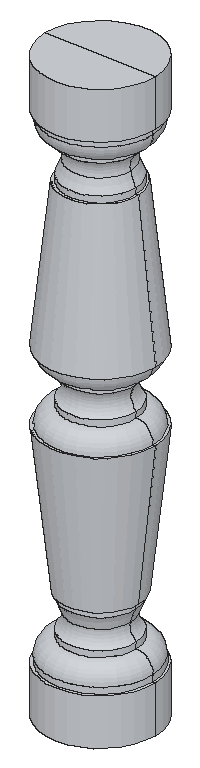
Revit family
Parameters (values of type "Balustrade R31")
  Width = 0' - 5 13/16"
  URL = "www.strombergarchitectural.com"
  Top Material = none
  Submittal Sheet = "www.strombergarchitectural.com/images/materials/gfrc/submittal/gfrc-submittal-sheet.pdf"
  Specifications = "www.strombergarchitectural.com/gfrcspecifications"
  Model Cut-sheet = "http://www.strombergarchitectural.com/products/balustrade/design/R31"
  Model = "Balustrade R31"
  Manufacturer = "Stromberg Architectural Products"
  Guidebook = "www.strombergarchitectural.com/images/materials/gfrc/handbooks/gfrc_guidebook.pdf   \r\n(http://www.strombergarchitectural.com/images/materials/gfrc/handbooks/gfrc_guidebook.pdf"
  Description = "GFRC Baluster"
  Assembly Code = ""
  Height = 2' - 7"
  XXX.5 = no
  XXX.4 = no
  XXX.3 = no
  XXX.2 = no
  XXX.1 = yes
Reference planes (in)
  plane 1 "Center (Front/Back)": y = 3.74847
  plane 2: z = 0
  plane 3 "Center (Left/Right)": x = 0.7278
  plane 4 "Front": y = -3.25153
  plane 5 "Back": y = 10.74847
Forms (in)
  Revolve 1, solid
    sketch origin (0, 3.74847, 0) x (1, 0, 0) y (0, 0, 1)
      loop
        line (-2.1722, 31.00001) -> (-2.1722, 28.52001) -> (-2.0272, 28.52001) -> (-2.0272, 28.21001)
        spline (-2.0272, 28.21001) -> (-2.01976, 28.08862) -> (-1.99756, 27.96931) -> (-1.96097, 27.85412) -> (-1.91064, 27.74501) -> (-1.84742, 27.64386) -> (-1.77238, 27.5524) -> (-1.68682, 27.47219) -> (-1.5922, 27.40461) -> (-1.49013, 27.3508) -> (-1.38237, 27.3117) -> (-1.27076, 27.28797) -> (-1.1572, 27.28001)
        line (-1.1572, 27.28001) -> (-1.1572, 26.97001)
        spline (-1.1572, 26.97001) -> (-1.09908, 26.91946) -> (-1.04586, 26.86307) -> (-0.99806, 26.80138) -> (-0.95614, 26.73499) -> (-0.92049, 26.66454) -> (-0.89147, 26.59069) -> (-0.86934, 26.51417) -> (-0.85432, 26.43569) -> (-0.84656, 26.35602) -> (-0.84613, 26.27592) -> (-0.85303, 26.19617) -> (-0.8672, 26.11751)
        spline (-0.8672, 26.11751) -> (-0.88224, 26.05562) -> (-0.899, 25.99424) -> (-0.91747, 25.93341) -> (-0.93762, 25.87321) -> (-0.95945, 25.81367) -> (-0.98292, 25.75485) -> (-1.00803, 25.69681) -> (-1.03475, 25.6396) -> (-1.06305, 25.58326) -> (-1.09291, 25.52785) -> (-1.1243, 25.47342) -> (-1.1572, 25.42001)
        line (-1.1572, 25.42001) -> (-1.1572, 25.11001) -> (-1.3022, 25.11001) -> (-2.1722, 17.36001) -> (-2.0272, 17.36001)
        spline (-2.0272, 17.36001) -> (-2.01976, 17.23862) -> (-1.99756, 17.11931) -> (-1.96097, 17.00411) -> (-1.91064, 16.89501) -> (-1.84742, 16.79386) -> (-1.77238, 16.7024) -> (-1.68682, 16.62219) -> (-1.5922, 16.5546) -> (-1.49013, 16.5008) -> (-1.38237, 16.4617) -> (-1.27076, 16.43796) -> (-1.1572, 16.43001)
        line (-1.1572, 16.43001) -> (-1.1572, 16.12001)
        spline (-1.1572, 16.12001) -> (-1.0731, 16.04104) -> (-1.00138, 15.94917) -> (-0.94374, 15.8466) -> (-0.90156, 15.73576) -> (-0.87584, 15.61931) -> (-0.8672, 15.50001) -> (-0.87584, 15.38071) -> (-0.90156, 15.26425) -> (-0.94374, 15.15342) -> (-1.00138, 15.05084) -> (-1.0731, 14.95898) -> (-1.1572, 14.88001)
        line (-1.1572, 14.88001) -> (-1.1572, 14.57001)
        spline (-1.1572, 14.57001) -> (-1.27076, 14.56205) -> (-1.38237, 14.53832) -> (-1.49013, 14.49921) -> (-1.5922, 14.44541) -> (-1.68682, 14.37783) -> (-1.77238, 14.29762) -> (-1.84742, 14.20615) -> (-1.91064, 14.10501) -> (-1.96097, 13.9959) -> (-1.99756, 13.88071) -> (-2.01976, 13.7614) -> (-2.0272, 13.64001)
        line (-2.0272, 13.64001) -> (-2.1722, 13.64001) -> (-1.3022, 5.89) -> (-1.1572, 5.89) -> (-1.1572, 5.58)
        spline (-1.1572, 5.58) -> (-1.1243, 5.5266) -> (-1.09291, 5.47216) -> (-1.06305, 5.41675) -> (-1.03475, 5.36042) -> (-1.00803, 5.3032) -> (-0.98292, 5.24516) -> (-0.95945, 5.18635) -> (-0.93762, 5.12681) -> (-0.91747, 5.0666) -> (-0.899, 5.00578) -> (-0.88224, 4.94439) -> (-0.8672, 4.8825)
        spline (-0.8672, 4.8825) -> (-0.85303, 4.80385) -> (-0.84613, 4.72409) -> (-0.84656, 4.64399) -> (-0.85432, 4.56432) -> (-0.86934, 4.48585) -> (-0.89147, 4.40932) -> (-0.92049, 4.33548) -> (-0.95614, 4.26502) -> (-0.99806, 4.19863) -> (-1.04586, 4.13695) -> (-1.09908, 4.08056) -> (-1.1572, 4.03)
        line (-1.1572, 4.03) -> (-1.1572, 3.72)
        spline (-1.1572, 3.72) -> (-1.27076, 3.71205) -> (-1.38237, 3.68831) -> (-1.49013, 3.64921) -> (-1.5922, 3.59541) -> (-1.68682, 3.52782) -> (-1.77238, 3.44761) -> (-1.84742, 3.35615) -> (-1.91064, 3.255) -> (-1.96097, 3.1459) -> (-1.99756, 3.0307) -> (-2.01976, 2.91139) -> (-2.0272, 2.79)
        line (-2.0272, 2.79) -> (-2.0272, 2.48) -> (-2.1722, 2.48) -> (-2.1722, 0) -> (0.7278, 0) -> (0.7278, 31.00001) -> (-2.1722, 31.00001)
      axis (0.7278, 31.00001) -> (0.7278, 0)
    angle from 0 to 360
Dimensions and locks (in)
  aligned and locked: level to plane 2
